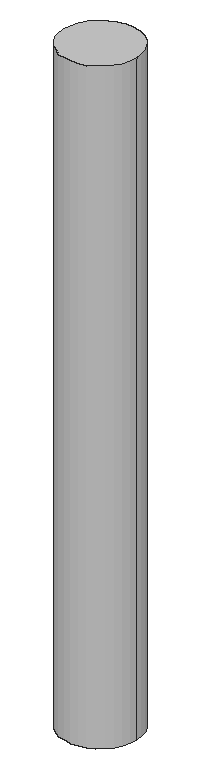
Revit family "M_Concrete-Round-Column", category 구조 기둥, Revit 2026
Family settings
  숨겨진 뷰로 표시 = 다른 부재에 가려진 모서리
  단면 모양 = 정의되지 않음
  모델 동작 재료 = 콘크리트
  항상 형상으로 내보내기 = 아니오
  평면의 보 전환 = 형상에서
  로드될 때 보이드를 사용하여 절단 = 아니오
  기호 표현 = 패밀리에서
  공유 = 아니오
  평면도에서 미리 절단된 패밀리 표시 = 예
Parameters (values of type "300mm")
  Structural Material [instance] = Concrete - Cast-in-Place Concrete
  b = 300 mm
Types (5, lengths in mm): name | b
  (no name) | 300
  300mm | 300
  450mm | 450
  600mm | 600
  750mm | 750
Reference planes
  plane 1 "Center (Front/Back)": y = 0
  plane 2: z = 0
  plane 3 "Center (Left/Right)": x = 0
  plane 4: x = -150
  plane 5: x = 150
  plane 6: y = 150
  plane 7: y = -150
Forms (mm)
  Extrusion 1, solid, material "Concrete - Cast-in-Place Concrete" <- "Structural Material"
    sketch origin (0, 0, 0) x (1, 0, 0) y (0, 1, 0)
      loop
        circle (0, 0) r 150
    from 0 to 2500
Dimensions and locks
  equal spacing: plane 4, plane 3 "Center (Left/Right)", plane 5
  equal spacing: plane 7, plane 1 "Center (Front/Back)", plane 6
  "b": plane 7 to plane 6
  "b": plane 4 to plane 5
  aligned and locked: level to Extrusion 1
  aligned and locked: level to plane 2
  aligned and locked: Extrusion 1 to plane 2
Automatic sketch dimensions
  Extrusion 1 sketch curve to plane 1 "Center (Front/Back)" = 0 mm
  Extrusion 1 sketch curve to plane 4 = 0 mm
  Extrusion 1 sketch curve to plane 3 "Center (Left/Right)" = 0 mm
